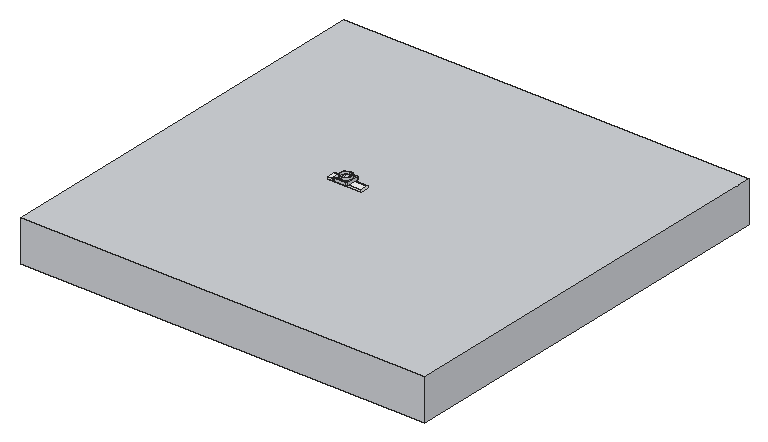
Revit family "Zumtobel MSENS HC TEC-GP WH", category Lighting Fixtures, host Face, Revit 2018
Family settings
  Host = Face
  Round Connector Dimension = Use Diameter
  Part Type = Normal
  OmniClass Number = 23.80.70.11
  OmniClass Title = Luminaries for Internal Lighting
  Cut with Voids When Loaded = No
  Light Source = No
  Shared = No
  Room Calculation Point = No
Parameters (values of type "MSENS HC TEC-GP WH")
  Width = 248 mm  # constant formula
  Wattage Comments = ""
  URL = "http://www.zumtobel.com/22171297"
  Type Comments = "© Zumtobel. We reserve the right to make technical changes without prior notice."  # constant formula
  Height = 54 mm  # constant formula
  Depth = 90 mm  # constant formula
  Model = "22171297"
  Manufacturer = "Zumtobel Lighting"  # constant formula
  Lamp = ""
  Description = "DALI-2 Multi Sensor for motion detection and ambient light detection for connection to DALI-2 controllers."  # constant formula
  Default Elevation = 0 mm
  Body = ZG_Metal_White
  Assembly Code = "D5020200"
  Apparent Load = 0 VA
Reference planes
  plane 1 "Center (Front/Back)": y = 0
  plane 2 "Bottom": z = 0
  plane 3 "Center (Left/Right)": x = -735.5
  plane 4 "Left": x = -859.5
  plane 5 "Track": z = 18.928
  plane 6 "Right": x = -611.5
  plane 7: z = 56.928
  plane 8: z = 46.928
Forms (mm)
  Extrusion 1, solid
    sketch origin (123, 0, 0) x (1, 0, 0) y (0, 1, 0)
      loop
        line (-2085.5, 1500) -> (-2085.5, -1500) -> (914.5, -1500) -> (914.5, 1500) -> (-2085.5, 1500)
    from 0 to -304.8
  Extrusion 2, solid, material "ZG_Metal_White" <- "Body"
    sketch origin (-735.5, 0, -57.072) x (0, -1, 0) y (0, 0, 1)
      loop
        line (-28, 74) -> (-30, 76) -> (-30, 62) -> (-24.468, 62) -> (-24.468, 50.994) -> (-21.81, 50.994) -> (-21.81, 57.072) -> (21.81, 57.072) -> (21.81, 50.994) -> (24.468, 50.994) -> (24.468, 62) -> (30, 62) -> (30, 76) -> (28, 74) -> (-28, 74)
    from -124 to 124
  Extrusion 3, solid
    sketch origin (0, 0, 18.928) x (0, 1, 0) y (-1, 0, 0)
      loop
        arc (52, 798.531) -> (50.536, 802.066) -> (47, 803.531) r 5
        line (47, 803.531) -> (-47, 803.531)
        arc (-47, 803.531) -> (-50.536, 802.066) -> (-52, 798.531) r 5
        line (-52, 798.531) -> (-52, 704.531)
        arc (-52, 704.531) -> (-50.536, 700.995) -> (-47, 699.531) r 5
        line (-47, 699.531) -> (47, 699.531)
        arc (47, 699.531) -> (50.536, 700.995) -> (52, 704.531) r 5
        line (52, 704.531) -> (52, 798.531)
      loop
        line (47, 798.531) -> (-47, 798.531) -> (-47, 704.531) -> (47, 704.531) -> (47, 798.531)
    from 0 to 20
  Extrusion 4, solid
    sketch origin (0, 0, 18.928) x (0, 1, 0) y (-1, 0, 0)
      loop
        line (47, 798.531) -> (-47, 798.531) -> (-47, 704.531) -> (47, 704.531) -> (47, 798.531)
      loop
        circle (0, 745.022) r 20
    from 0 to 28
  Extrusion 5, solid
    sketch origin (0, 0, 18.928) x (0, 1, 0) y (-1, 0, 0)
      loop
        circle (0, 745.022) r 40.492
      loop
        circle (0, 745.022) r 37.492
    from 28 to 38
  Extrusion 6, solid
    sketch origin (0, 0, 18.928) x (0, 1, 0) y (-1, 0, 0)
      loop
        circle (0, 745.022) r 20
    from 0 to 28
  Revolve 7, solid
    sketch origin (-745.022, 0, -57.072) x (0, -1, 0) y (0, 0, 1)
      loop
        line (0, 76) -> (0, 109.025)
        arc (0, 109.025) -> (-10.311, 107.75) -> (-20, 104) r 42.312
        line (-20, 104) -> (-20, 76) -> (0, 76)
      axis (0, 109.025) -> (0, 76)
    angle from 0 to 360
Lines and regions (mm)
  symbolic lines, not visible, detail levels coarse
    curve 1: line (-735.5, 80, 0) -> (-735.5, -80, 0)
    curve 2: line (-735.5, 80, 0) -> (-735.5, -80, 0)
Dimensions and locks
  locked: plane 5 "Track" to level at 18.928
  locked: plane 4 "Left" to plane 6 "Right" at 248
  aligned and locked: plane 2 "Bottom" to Extrusion 1
  aligned and locked: level to Extrusion 1
  aligned and locked: plane 4 "Left" to Extrusion 2
  aligned and locked: plane 6 "Right" to Extrusion 2
